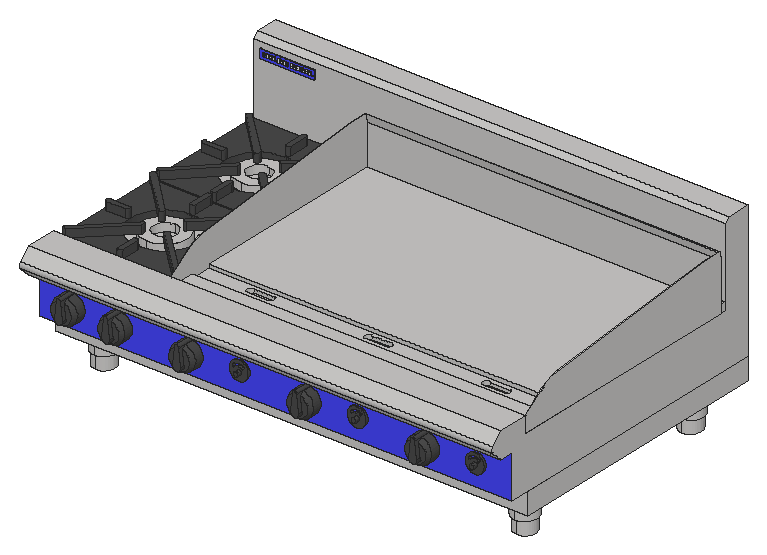
Revit family "QF_MOFFAT_BLUESEAL_CE_G518A-B", category Specialty Equipment, Revit 2012 (continued)
Definition of nested family "GAS BURNER 300 & GRIDDLE 900"
  Definition of nested family "GAS BURNER 300 & GRIDDLE 600"
    Lines and regions (mm)
      symbolic lines
        curve 31: spline (123.076, -202.475, 0) -> (123.837, -201.405, 0) -> (124.238, -200.101, 0) -> (124.251, -198.649, 0) -> (123.875, -197.15, 0) -> (123.137, -195.705, 0) -> (122.086, -194.414, 0) -> (120.795, -193.363, 0) -> (119.35, -192.625, 0) -> (117.851, -192.249, 0) -> (116.399, -192.262, 0) -> (115.095, -192.663, 0) -> (114.025, -193.424, 0)
        curve 32: line (114.025, -193.424, 0) -> (6.102, -304.847, 0)
        curve 33: spline (6.102, -304.847, 0) -> (5.341, -305.916, 0) -> (4.941, -307.221, 0) -> (4.928, -308.672, 0) -> (5.303, -310.171, 0) -> (6.041, -311.616, 0) -> (7.092, -312.908, 0) -> (8.384, -313.959, 0) -> (9.829, -314.697, 0) -> (11.328, -315.072, 0) -> (12.779, -315.059, 0) -> (14.084, -314.659, 0) -> (15.153, -313.898, 0)
        curve 34: line (8.898, -172.9, 0) -> (58.102, -172.9, 0)
        curve 35: spline (58.102, -172.9, 0) -> (59.396, -172.682, 0) -> (60.602, -172.043, 0) -> (61.638, -171.025, 0) -> (62.432, -169.7, 0) -> (62.932, -168.156, 0) -> (63.102, -166.5, 0) -> (62.932, -164.844, 0) -> (62.432, -163.3, 0) -> (61.638, -161.975, 0) -> (60.602, -160.957, 0) -> (59.396, -160.318, 0) -> (58.102, -160.1, 0)
        curve 36: line (58.102, -160.1, 0) -> (8.898, -160.1, 0)
        curve 37: spline (8.898, -160.1, 0) -> (7.604, -160.318, 0) -> (6.398, -160.957, 0) -> (5.362, -161.975, 0) -> (4.568, -163.3, 0) -> (4.068, -164.844, 0) -> (3.898, -166.5, 0) -> (4.068, -168.156, 0) -> (4.568, -169.7, 0) -> (5.362, -171.025, 0) -> (6.398, -172.043, 0) -> (7.604, -172.682, 0) -> (8.898, -172.9, 0)
        curve 38: line (6.102, -31.653, 0) -> (114.025, -139.576, 0)
        curve 39: spline (114.025, -139.576, 0) -> (115.095, -140.337, 0) -> (116.399, -140.738, 0) -> (117.851, -140.751, 0) -> (119.35, -140.375, 0) -> (120.795, -139.637, 0) -> (122.086, -138.586, 0) -> (123.137, -137.295, 0) -> (123.875, -135.85, 0) -> (124.251, -134.351, 0) -> (124.238, -132.899, 0) -> (123.837, -131.595, 0) -> (123.076, -130.525, 0)
        curve 40: line (123.076, -130.525, 0) -> (15.153, -22.602, 0)
        curve 41: spline (15.153, -22.602, 0) -> (13.924, -21.681, 0) -> (12.47, -21.131, 0) -> (10.89, -20.99, 0) -> (9.292, -21.267, 0) -> (7.786, -21.943, 0) -> (6.473, -22.973, 0) -> (5.443, -24.286, 0) -> (4.767, -25.792, 0) -> (4.49, -27.39, 0) -> (4.631, -28.97, 0) -> (5.181, -30.424, 0) -> (6.102, -31.653, 0)
        curve 42: arc (150, -136.5, 0) -> (180, -166.5, 0) -> (150, -196.5, 0) r 30
        curve 43: arc (150, -196.5, 0) -> (120, -166.5, 0) -> (150, -136.5, 0) r 30
        curve 44: line (156.4, -311.102, 0) -> (156.4, -261.898, 0)
        curve 45: spline (156.4, -261.898, 0) -> (156.182, -260.604, 0) -> (155.543, -259.398, 0) -> (154.525, -258.362, 0) -> (153.2, -257.568, 0) -> (151.656, -257.068, 0) -> (150, -256.898, 0) -> (148.344, -257.068, 0) -> (146.8, -257.568, 0) -> (145.475, -258.362, 0) -> (144.457, -259.398, 0) -> (143.818, -260.604, 0) -> (143.6, -261.898, 0)
        curve 46: line (143.6, -261.898, 0) -> (143.6, -311.102, 0)
        curve 47: spline (143.6, -311.102, 0) -> (143.818, -312.396, 0) -> (144.457, -313.602, 0) -> (145.475, -314.638, 0) -> (146.8, -315.432, 0) -> (148.344, -315.932, 0) -> (150, -316.102, 0) -> (151.656, -315.932, 0) -> (153.2, -315.432, 0) -> (154.525, -314.638, 0) -> (155.543, -313.602, 0) -> (156.182, -312.396, 0) -> (156.4, -311.102, 0)
        curve 48: line (156.4, -378.102, 0) -> (156.4, -328.898, 0)
        curve 49: spline (156.4, -328.898, 0) -> (156.182, -327.604, 0) -> (155.543, -326.398, 0) -> (154.525, -325.362, 0) -> (153.2, -324.568, 0) -> (151.656, -324.068, 0) -> (150, -323.898, 0) -> (148.344, -324.068, 0) -> (146.8, -324.568, 0) -> (145.475, -325.362, 0) -> (144.457, -326.398, 0) -> (143.818, -327.604, 0) -> (143.6, -328.898, 0)
        curve 50: line (143.6, -328.898, 0) -> (143.6, -378.102, 0)
        curve 51: spline (143.6, -378.102, 0) -> (143.818, -379.396, 0) -> (144.457, -380.602, 0) -> (145.475, -381.638, 0) -> (146.8, -382.432, 0) -> (148.344, -382.932, 0) -> (150, -383.102, 0) -> (151.656, -382.932, 0) -> (153.2, -382.432, 0) -> (154.525, -381.638, 0) -> (155.543, -380.602, 0) -> (156.182, -379.396, 0) -> (156.4, -378.102, 0)
        curve 52: line (284.847, -326.102, 0) -> (176.924, -434.025, 0)
        curve 53: spline (176.924, -434.025, 0) -> (176.163, -435.095, 0) -> (175.762, -436.399, 0) -> (175.749, -437.851, 0) -> (176.125, -439.35, 0) -> (176.863, -440.795, 0) -> (177.914, -442.086, 0) -> (179.205, -443.137, 0) -> (180.65, -443.875, 0) -> (182.149, -444.251, 0) -> (183.601, -444.238, 0) -> (184.905, -443.837, 0) -> (185.975, -443.076, 0)
        curve 54: line (185.975, -443.076, 0) -> (293.898, -335.153, 0)
        curve 55: spline (293.898, -335.153, 0) -> (294.659, -334.084, 0) -> (295.059, -332.779, 0) -> (295.072, -331.328, 0) -> (294.697, -329.829, 0) -> (293.959, -328.384, 0) -> (292.908, -327.092, 0) -> (291.616, -326.041, 0) -> (290.171, -325.303, 0) -> (288.672, -324.928, 0) -> (287.221, -324.941, 0) -> (285.916, -325.341, 0) -> (284.847, -326.102, 0)
        curve 56: line (123.076, -434.025, 0) -> (15.153, -326.102, 0)
        curve 57: spline (15.153, -326.102, 0) -> (13.924, -325.181, 0) -> (12.47, -324.631, 0) -> (10.89, -324.49, 0) -> (9.292, -324.767, 0) -> (7.786, -325.443, 0) -> (6.473, -326.473, 0) -> (5.443, -327.786, 0) -> (4.767, -329.292, 0) -> (4.49, -330.89, 0) -> (4.631, -332.47, 0) -> (5.181, -333.924, 0) -> (6.102, -335.153, 0)
        curve 58: line (6.102, -335.153, 0) -> (114.025, -443.076, 0)
        curve 59: spline (114.025, -443.076, 0) -> (115.095, -443.837, 0) -> (116.399, -444.238, 0) -> (117.851, -444.251, 0) -> (119.35, -443.875, 0) -> (120.795, -443.137, 0) -> (122.086, -442.086, 0) -> (123.137, -440.795, 0) -> (123.875, -439.35, 0) -> (124.251, -437.851, 0) -> (124.238, -436.399, 0) -> (123.837, -435.095, 0) -> (123.076, -434.025, 0)
        curve 60: line (58.102, -463.6, 0) -> (8.898, -463.6, 0)
        curve 61: spline (8.898, -463.6, 0) -> (7.604, -463.818, 0) -> (6.398, -464.457, 0) -> (5.362, -465.475, 0) -> (4.568, -466.8, 0) -> (4.068, -468.344, 0) -> (3.898, -470, 0) -> (4.068, -471.656, 0) -> (4.568, -473.2, 0) -> (5.362, -474.525, 0) -> (6.398, -475.543, 0) -> (7.604, -476.182, 0) -> (8.898, -476.4, 0)
        curve 62: line (8.898, -476.4, 0) -> (58.102, -476.4, 0)
        curve 63: spline (58.102, -476.4, 0) -> (59.396, -476.182, 0) -> (60.602, -475.543, 0) -> (61.638, -474.525, 0) -> (62.432, -473.2, 0) -> (62.932, -471.656, 0) -> (63.102, -470, 0) -> (62.932, -468.344, 0) -> (62.432, -466.8, 0) -> (61.638, -465.475, 0) -> (60.602, -464.457, 0) -> (59.396, -463.818, 0) -> (58.102, -463.6, 0)
        curve 64: line (114.025, -496.924, 0) -> (6.102, -603.347, 0)
        curve 65: spline (6.102, -603.347, 0) -> (5.341, -604.416, 0) -> (4.941, -605.721, 0) -> (4.928, -607.172, 0) -> (5.303, -608.671, 0) -> (6.041, -610.116, 0) -> (7.092, -611.408, 0) -> (8.384, -612.459, 0) -> (9.829, -613.197, 0) -> (11.328, -613.572, 0) -> (12.779, -613.559, 0) -> (14.084, -613.159, 0) -> (15.153, -612.398, 0)
        curve 66: line (15.153, -612.398, 0) -> (123.076, -505.975, 0)
        curve 67: spline (123.076, -505.975, 0) -> (123.837, -504.905, 0) -> (124.238, -503.601, 0) -> (124.251, -502.149, 0) -> (123.875, -500.65, 0) -> (123.137, -499.205, 0) -> (122.086, -497.914, 0) -> (120.795, -496.863, 0) -> (119.35, -496.125, 0) -> (117.851, -495.749, 0) -> (116.399, -495.762, 0) -> (115.095, -496.163, 0) -> (114.025, -496.924, 0)
        curve 68: line (156.4, -609.602, 0) -> (156.4, -561.898, 0)
        curve 69: spline (156.4, -561.898, 0) -> (156.182, -560.604, 0) -> (155.543, -559.398, 0) -> (154.525, -558.362, 0) -> (153.2, -557.568, 0) -> (151.656, -557.068, 0) -> (150, -556.898, 0) -> (148.344, -557.068, 0) -> (146.8, -557.568, 0) -> (145.475, -558.362, 0) -> (144.457, -559.398, 0) -> (143.818, -560.604, 0) -> (143.6, -561.898, 0)
        curve 70: line (143.6, -561.898, 0) -> (143.6, -609.602, 0)
        curve 71: spline (143.6, -609.602, 0) -> (143.818, -610.896, 0) -> (144.457, -612.102, 0) -> (145.475, -613.138, 0) -> (146.8, -613.932, 0) -> (148.344, -614.432, 0) -> (150, -614.602, 0) -> (151.656, -614.432, 0) -> (153.2, -613.932, 0) -> (154.525, -613.138, 0) -> (155.543, -612.102, 0) -> (156.182, -610.896, 0) -> (156.4, -609.602, 0)
        curve 72: line (176.924, -505.975, 0) -> (284.847, -612.398, 0)
        curve 73: spline (284.847, -612.398, 0) -> (285.916, -613.159, 0) -> (287.221, -613.559, 0) -> (288.672, -613.572, 0) -> (290.171, -613.197, 0) -> (291.616, -612.459, 0) -> (292.908, -611.408, 0) -> (293.959, -610.116, 0) -> (294.697, -608.671, 0) -> (295.072, -607.172, 0) -> (295.059, -605.721, 0) -> (294.659, -604.416, 0) -> (293.898, -603.347, 0)
        curve 74: line (293.898, -603.347, 0) -> (185.975, -496.924, 0)
        curve 75: spline (185.975, -496.924, 0) -> (184.905, -496.163, 0) -> (183.601, -495.762, 0) -> (182.149, -495.749, 0) -> (180.65, -496.125, 0) -> (179.205, -496.863, 0) -> (177.914, -497.914, 0) -> (176.863, -499.205, 0) -> (176.125, -500.65, 0) -> (175.749, -502.149, 0) -> (175.762, -503.601, 0) -> (176.163, -504.905, 0) -> (176.924, -505.975, 0)
        curve 76: arc (149.991, -384.418, 0) -> (179.687, -389.836, 0) -> (205.556, -405.393, 0) r 84.082
        curve 77: arc (149.991, -552.582, 0) -> (121.173, -547.489, 0) -> (95.845, -532.827, 0) r 84.082
        curve 78: arc (150, -523.5, 0) -> (167.666, -520.693, 0) -> (183.592, -512.55, 0) r 57
        curve 79: arc (150, -409.5, 0) -> (130.014, -413.119, 0) -> (112.566, -423.515, 0) r 57
        curve 80: arc (150, -436.5, 0) -> (180, -466.5, 0) -> (150, -496.5, 0) r 30
        curve 81: arc (150, -496.5, 0) -> (120, -466.5, 0) -> (150, -436.5, 0) r 30
        curve 82: line (291.102, -463.6, 0) -> (241.898, -463.6, 0)
        curve 83: spline (241.898, -463.6, 0) -> (240.604, -463.818, 0) -> (239.398, -464.457, 0) -> (238.362, -465.475, 0) -> (237.568, -466.8, 0) -> (237.068, -468.344, 0) -> (236.898, -470, 0) -> (237.068, -471.656, 0) -> (237.568, -473.2, 0) -> (238.362, -474.525, 0) -> (239.398, -475.543, 0) -> (240.604, -476.182, 0) -> (241.898, -476.4, 0)
        curve 84: line (241.898, -476.4, 0) -> (291.102, -476.4, 0)
        curve 85: arc (96.324, -103.773, 0) -> (121.466, -89.404, 0) -> (149.991, -84.418, 0) r 84.082
        curve 86: arc (212.871, -112.68, 0) -> (234.066, -167.408, 0) -> (214.3, -222.668, 0) r 84.082
        curve 87: arc (194.454, -202.178, 0) -> (207, -166.598, 0) -> (194.576, -130.975, 0) r 57
        curve 88: arc (114.628, -211.197, 0) -> (131.275, -220.336, 0) -> (150, -223.5, 0) r 57
        curve 89: arc (105.424, -130.975, 0) -> (93, -166.598, 0) -> (105.546, -202.178, 0) r 57
        curve 90: arc (187.434, -423.515, 0) -> (169.986, -413.119, 0) -> (150, -409.5, 0) r 57
        curve 91: arc (103.911, -432.962, 0) -> (93.053, -468.956, 0) -> (106.969, -503.881, 0) r 57
        curve 92: arc (109.732, -506.842, 0) -> (110.614, -507.704, 0) -> (111.516, -508.547, 0) r 57
        curve 93: arc (193.031, -503.881, 0) -> (206.947, -468.956, 0) -> (196.089, -432.962, 0) r 57
        curve 94: arc (214.491, -414.56, 0) -> (234.068, -469.429, 0) -> (213.283, -523.853, 0) r 84.082
        curve 95: arc (94.436, -405.385, 0) -> (120.301, -389.834, 0) -> (149.991, -384.418, 0) r 84.082
        curve 96: arc (86.707, -523.862, 0) -> (65.914, -469.429, 0) -> (85.499, -414.55, 0) r 84.082
        curve 97: arc (116.408, -512.55, 0) -> (132.334, -520.693, 0) -> (150, -523.5, 0) r 57
        curve 98: arc (204.147, -532.819, 0) -> (178.816, -547.487, 0) -> (149.991, -552.582, 0) r 84.082
        curve 99: arc (185.525, -121.924, 0) -> (168.817, -112.696, 0) -> (150, -109.5, 0) r 57
        curve 100: arc (205.331, -231.803, 0) -> (179.547, -247.216, 0) -> (149.991, -252.582, 0) r 84.082
        curve 101: arc (85.69, -222.678, 0) -> (65.916, -167.408, 0) -> (87.119, -112.67, 0) r 84.082
        curve 102: line (299, -315.5, 0) -> (299, -3, 0)
        curve 103: arc (299, -3, 0) -> (298.121, -0.879, 0) -> (296, 0, 0) r 3
        curve 104: spline (291.102, -172.9, 0) -> (292.396, -172.682, 0) -> (293.602, -172.043, 0) -> (294.638, -171.025, 0) -> (295.432, -169.7, 0) -> (295.932, -168.156, 0) -> (296.102, -166.5, 0) -> (295.932, -164.844, 0) -> (295.432, -163.3, 0) -> (294.638, -161.975, 0) -> (293.602, -160.957, 0) -> (292.396, -160.318, 0) -> (291.102, -160.1, 0)
        curve 105: spline (291.102, -476.4, 0) -> (292.396, -476.182, 0) -> (293.602, -475.543, 0) -> (294.638, -474.525, 0) -> (295.432, -473.2, 0) -> (295.932, -471.656, 0) -> (296.102, -470, 0) -> (295.932, -468.344, 0) -> (295.432, -466.8, 0) -> (294.638, -465.475, 0) -> (293.602, -464.457, 0) -> (292.396, -463.818, 0) -> (291.102, -463.6, 0)
        curve 106: arc (296, -635, 0) -> (298.121, -634.121, 0) -> (299, -632, 0) r 3
        curve 107: line (299, -632, 0) -> (299, -324.5, 0)
        curve 108: arc (299, -324.5, 0) -> (298.121, -322.379, 0) -> (296, -321.5, 0) r 3
        curve 109: arc (296, -318.5, 0) -> (298.121, -317.621, 0) -> (299, -315.5, 0) r 3
    Dimensions and locks
      equal spacing: plane 3 "LEFT", plane 7 "Center Y", plane 4 "RIGHT"
      "Width": plane 3 "LEFT" to plane 4 "RIGHT"
      equal spacing: plane 5 "FRONT", plane 8 "Center X", plane 1 "BACK"
      "Depth": plane 5 "FRONT" to plane 1 "BACK"
      aligned and locked: level to plane 2
    Automatic sketch dimensions
      curve 8 to curve 9 = 0 mm
      curve 8 to curve 42 = 0 mm  (x2)
      curve 8 to curve 87 = 0 mm  (x2)
      curve 8 to curve 88 = 0 mm
      curve 8 to curve 89 = 0 mm
      curve 8 to curve 99 = 0 mm  (x2)
      curve 9 to curve 89 = 0 mm
      curve 10 to curve 11 = 0 mm  (x2)
      curve 10 to curve 85 = 0 mm
      curve 10 to curve 86 = 0 mm  (x2)
      curve 10 to curve 100 = 0 mm
      curve 10 to curve 101 = 0 mm  (x2)
      curve 76 to curve 77 = 0 mm  (x2)
      curve 76 to curve 94 = 0 mm  (x2)
      curve 76 to curve 95 = 0 mm
      curve 76 to curve 96 = 0 mm  (x2)
      curve 76 to curve 98 = 0 mm
      curve 78 to curve 79 = 0 mm
      curve 78 to curve 80 = 0 mm  (x2)
      curve 78 to curve 90 = 0 mm  (x2)
      curve 78 to curve 91 = 0 mm
      curve 78 to curve 92 = 0 mm
      curve 78 to curve 93 = 0 mm  (x2)
      curve 78 to curve 97 = 0 mm
      curve 79 to curve 91 = 0 mm
      curve 79 to curve 92 = 0 mm
      plane 5 "FRONT" to curve 25 = 0 mm
      plane 1 "BACK" to curve 16 = 0 mm
      curve 97 to plane 7 "Center Y" = 0 mm
      curve 42 to plane 7 "Center Y" = 0 mm
      curve 13 to plane 7 "Center Y" = 0 mm
      curve 45 to plane 7 "Center Y" = 0 mm
      curve 49 to plane 7 "Center Y" = 0 mm
      curve 69 to plane 7 "Center Y" = 0 mm
      curve 98 to plane 7 "Center Y" = 0.009 mm
      curve 10 to plane 7 "Center Y" = 0.009 mm
      curve 49 to plane 7 "Center Y" = 6.4 mm
      curve 47 to plane 7 "Center Y" = 6.4 mm
      curve 14 to plane 7 "Center Y" = 6.4 mm
      curve 71 to plane 7 "Center Y" = 6.4 mm
      curve 39 to curve 39 = 4.525 mm
      curve 31 to curve 31 = 4.525 mm
      curve 59 to curve 59 = 4.525 mm
      curve 67 to curve 67 = 4.525 mm
      curve 97 to curve 66 = 6.668 mm
      curve 88 to curve 30 = 8.448 mm
      curve 9 to curve 40 = 8.601 mm
      curve 92 to curve 97 = 4.893 mm
      curve 92 to curve 92 = 1.784 mm
      curve 91 to curve 92 = 2.762 mm
      curve 89 to curve 32 = 8.479 mm
      curve 91 to curve 79 = 8.655 mm
      curve 85 to curve 9 = 18.152 mm
      curve 11 to curve 88 = 19.967 mm
      curve 95 to curve 79 = 18.13 mm
      curve 101 to curve 11 = 8.97 mm
      curve 96 to curve 95 = 8.937 mm
      curve 34 to curve 89 = 47.444 mm
      curve 63 to curve 91 = 45.809 mm
      plane 8 "Center X" to curve 30 = 3.602 mm
      plane 3 "LEFT" to curve 30 = 15.153 mm
      plane 3 "LEFT" to curve 41 = 15.153 mm
      plane 3 "LEFT" to curve 66 = 15.153 mm
      curve 56 to curve 30 = 0 mm
      curve 41 to curve 41 = 4.525 mm
      curve 65 to curve 65 = 4.525 mm
      curve 33 to curve 30 = 4.525 mm
      curve 57 to curve 56 = 4.525 mm
      plane 3 "LEFT" to curve 37 = 8.898 mm
      plane 3 "LEFT" to curve 62 = 8.898 mm
      plane 3 "LEFT" to curve 17 = 4 mm
      curve 20 to plane 8 "Center X" = 1 mm
      plane 3 "LEFT" to curve 20 = 4 mm
      curve 22 to curve 20 = 0 mm
      plane 3 "LEFT" to curve 24 = 4 mm
      plane 3 "LEFT" to curve 23 = 1 mm
      plane 3 "LEFT" to curve 17 = 1 mm
      curve 1 to curve 2 = 4.525 mm
      curve 53 to curve 53 = 4.525 mm
      curve 27 to curve 27 = 4.525 mm
      curve 72 to curve 75 = 4.525 mm
      curve 75 to curve 78 = 6.668 mm
      curve 28 to curve 8 = 8.448 mm
      curve 2 to curve 99 = 8.601 mm  (x2)
      curve 52 to curve 90 = 10.51 mm
      curve 27 to curve 87 = 8.479 mm
      curve 2 to curve 87 = 8.601 mm
      curve 90 to curve 93 = 8.655 mm
      curve 99 to curve 10 = 18.144 mm
      curve 8 to curve 100 = 19.959 mm
      curve 90 to curve 76 = 18.122 mm
      curve 100 to curve 86 = 8.969 mm
      curve 76 to curve 94 = 8.936 mm
      curve 93 to curve 82 = 45.809 mm
      curve 87 to curve 7 = 47.444 mm
      plane 4 "RIGHT" to curve 4 = 15.153 mm
      plane 4 "RIGHT" to curve 52 = 15.153 mm
      plane 4 "RIGHT" to curve 73 = 15.153 mm
      plane 8 "Center X" to curve 28 = 3.602 mm
      curve 28 to curve 52 = 0 mm
      curve 1 to curve 4 = 4.525 mm
      curve 55 to curve 55 = 4.525 mm
      curve 28 to curve 29 = 4.525 mm
      curve 72 to curve 73 = 4.525 mm
      plane 4 "RIGHT" to curve 105 = 8.898 mm
      plane 4 "RIGHT" to curve 104 = 8.898 mm
      plane 4 "RIGHT" to curve 108 = 4 mm
      plane 4 "RIGHT" to curve 109 = 4 mm
      plane 4 "RIGHT" to curve 25 = 4 mm
      plane 4 "RIGHT" to curve 16 = 4 mm
      plane 4 "RIGHT" to curve 107 = 1 mm
      plane 4 "RIGHT" to curve 103 = 1 mm
      curve 70 to plane 5 "FRONT" = 25.398 mm
      curve 69 to curve 98 = 9.316 mm
      curve 77 to curve 96 = 8.965 mm
      curve 98 to curve 94 = 8.967 mm
      curve 97 to curve 92 = 4.003 mm
      curve 78 to curve 72 = 6.575 mm
      curve 97 to curve 66 = 6.575 mm
      curve 92 to curve 91 = 2.96 mm
      curve 93 to curve 75 = 6.958 mm
      curve 78 to curve 81 = 27 mm
      curve 96 to curve 61 = 47.462 mm
      curve 94 to curve 84 = 47.453 mm
      curve 62 to curve 63 = 6.4 mm
      curve 105 to curve 105 = 6.4 mm
      curve 59 to curve 91 = 10.114 mm
      curve 53 to curve 93 = 10.114 mm
      curve 94 to curve 76 = 9.166 mm
      curve 96 to curve 95 = 9.165 mm
      curve 76 to curve 51 = 6.316 mm
      curve 57 to curve 20 = 16.653 mm
      curve 54 to curve 20 = 16.653 mm
      curve 49 to plane 8 "Center X" = 11.398 mm
      curve 108 to curve 20 = 6 mm
      plane 8 "Center X" to curve 46 = 6.398 mm
      curve 45 to curve 11 = 9.316 mm
      curve 88 to curve 31 = 8.722 mm
      curve 8 to curve 28 = 8.722 mm
      curve 8 to curve 42 = 27 mm
      curve 101 to curve 34 = 49.778 mm
      curve 86 to curve 7 = 49.768 mm
      curve 6 to curve 6 = 6.4 mm
      curve 34 to curve 37 = 6.4 mm
      curve 38 to curve 89 = 8.601 mm
      curve 40 to curve 9 = 8.601 mm
      curve 86 to curve 10 = 8.899 mm
      curve 101 to curve 85 = 8.898 mm
      curve 10 to curve 15 = 9.816 mm
      plane 1 "BACK" to curve 13 = 25.398 mm
      plane 1 "BACK" to Extrusion 1 sketch curve = 0 mm
      plane 5 "FRONT" to Extrusion 1 sketch curve = 0 mm
      plane 3 "LEFT" to Extrusion 1 sketch curve = 1 mm  (x2)
      plane 1 "BACK" to Extrusion 1 sketch curve = 3 mm  (x2)
      Extrusion 1 sketch curve to plane 7 "Center Y" = 0.009 mm  (x2)
      plane 8 "Center X" to Extrusion 1 sketch curve = 149 mm
      plane 4 "RIGHT" to Extrusion 1 sketch curve = 1 mm  (x2)
      plane 8 "Center X" to Extrusion 1 sketch curve = 2 mm  (x2)
      Extrusion 1 sketch curve to plane 8 "Center X" = 1 mm
      Extrusion 1 sketch curve to Extrusion 1 sketch curve = 3 mm  (x3)
      Extrusion 1 sketch curve to plane 8 "Center X" = 151 mm
      Extrusion 1 sketch curve to plane 5 "FRONT" = 3 mm  (x2)
      Extrusion 2 sketch curve to Extrusion 1 = 22.602 mm  (x2)
      Extrusion 2 sketch curve to Extrusion 1 = 25.398 mm  (x2)
      Extrusion 2 sketch curve to Extrusion 2 sketch curve = 4.525 mm  (x16)
      Extrusion 2 sketch curve to Extrusion 2 sketch curve = 49.204 mm  (x5)
      Extrusion 2 sketch curve to Extrusion 2 sketch curve = 55.923 mm  (x5)
      Extrusion 2 sketch curve to Extrusion 2 sketch curve = 0 mm  (x5)
      Extrusion 2 sketch curve to Extrusion 2 sketch curve = 20.524 mm  (x8)
      Extrusion 2 sketch curve to Extrusion 2 sketch curve = 6.4 mm  (x8)
      Extrusion 2 sketch curve to Extrusion 2 sketch curve = 53.847 mm  (x8)
      Extrusion 2 sketch curve to Extrusion 1 = 56.602 mm
      Extrusion 2 sketch curve to Extrusion 1 = 5.102 mm  (x6)
      Extrusion 2 sketch curve to Extrusion 1 = 13.653 mm  (x2)
      Extrusion 2 sketch curve to Extrusion 1 = 7.398 mm  (x2)
      Extrusion 2 sketch curve to Extrusion 1 = 4.602 mm  (x2)
      Extrusion 2 sketch curve to Extrusion 1 = 7.898 mm  (x4)
      Extrusion 2 sketch curve to Extrusion 1 = 31.653 mm  (x2)
      Extrusion 2 sketch curve to Extrusion 1 = 57.102 mm
      Extrusion 2 sketch curve to Extrusion 1 = 14.153 mm
      Extrusion 3 sketch curve to Extrusion 3 sketch curve = 0 mm  (x24)
      Extrusion 3 sketch curve to plane 7 "Center Y" = 0 mm  (x2)
      plane 1 "BACK" to Extrusion 3 sketch curve = 109.5 mm
      Extrusion 3 sketch curve to Extrusion 3 sketch curve = 27 mm  (x2)
      Extrusion 3 sketch curve to Extrusion 3 sketch curve = 30 mm  (x2)
      Extrusion 3 sketch curve to plane 8 "Center X" = 92 mm
      radius of Extrusion 1 sketch curve = 84.082 mm  (x2)
  Definition of nested family "GAS GRIDDLE PLATE 900"
    Parameters (values of type "GAS GRIDDLE PLATE 900")
      Width [instance] = 900 mm
      Weight in Pounds = 0
      URL Cutsheet = ""
      Type Mark [instance] = ""
      Status [instance] = ""
      Specification by User [instance] = ""
      Specification by Manufacturer = ""
      Serial Number = ""
      Seismic Rating = ""
      SMACNA No = ""
      Revision Code [instance] = ""
      Omniclass Number and Title = ""
      NAFEM Spec ID Number = ""
      Masterspec = ""
      Item Number [instance] = ""
      Installed By [instance] = ""
      Identify Quantity as Lot [instance] = yes
      Furnished By [instance] = ""
      Foodservice Equipment Identifier [instance] = yes
      Depth [instance] = 620 mm
      CSI MasterFormat = ""
      CSI Master Format = ""
    Reference planes
      plane 1 "BACK": y = 0
      plane 2: z = 0
      plane 3 "LEFT": x = 0
      plane 4 "RIGHT": x = 900
      plane 5 "FRONT": y = -620
      plane 6 "TOP": z = 142.5
      plane 7 "Center Y": x = 450
      plane 8 "Center X": y = -310
      plane 9: y = -530.997
      plane 10: y = -541.497
      plane 11: y = -503.25
      plane 12: y = -557.737
    Forms (mm)
      Extrusion 1, solid, material "QF_Finishes_Stainless Steel"
        sketch origin (0, 70.003, -874.5) x (0, 1, 0) y (0, 0, 1)
          loop
            line (-70, 875) -> (-70, 997.489) -> (-75.228, 1017) -> (-117.24, 1017) -> (-589.533, 971.523)
            arc (-589.533, 971.523) -> (-614.56, 965.803) -> (-637.306, 953.899) r 100
            line (-637.306, 953.899) -> (-690.003, 917) -> (-690.003, 875) -> (-70, 875)
        from 0 to 1.8
      Extrusion 2, solid, material "QF_Finishes_Stainless Steel"
        sketch origin (600, 70.003, -874.5) x (0, -1, 0) y (0, 0, 1)
          loop
            line (70, 875) -> (690.003, 875) -> (690.003, 917) -> (637.306, 953.899)
            arc (637.306, 953.899) -> (614.56, 965.803) -> (589.533, 971.523) r 100
            line (589.533, 971.523) -> (117.24, 1017) -> (75.228, 1017) -> (70, 997.489) -> (70, 875)
        from -300 to -298.8
      Extrusion 3, solid, material "QF_Finishes_Stainless Steel"
        sketch origin (150, 70.003, -874.5) x (0, 1, 0) y (0, 0, 1)
          loop
            line (-55, 895) -> (-573.253, 895) -> (-573.253, 884.5) -> (-627.74, 884.5) -> (-627.74, 895) -> (-690.003, 895) -> (-690.003, 875) -> (-55, 875) -> (-55, 895)
        from -148.2 to 748.8
      Extrusion 4, void
        sketch origin (0.113, -541.497, 10) x (0, -1, 0) y (1, 0, 0)
          loop
            arc (-7.497, 175) -> (-17.497, 185) -> (-27.497, 175) r 10
            line (-27.497, 175) -> (-27.497, 125)
            arc (-27.497, 125) -> (-17.497, 115) -> (-7.497, 125) r 10
            line (-7.497, 125) -> (-7.497, 175)
          loop
            line (-7.497, 424.887) -> (-7.497, 474.887)
            arc (-7.497, 474.887) -> (-17.497, 484.887) -> (-27.497, 474.887) r 10
            line (-27.497, 474.887) -> (-27.497, 424.887)
            arc (-27.497, 424.887) -> (-17.497, 414.887) -> (-7.497, 424.887) r 10
          loop
            line (-7.497, 724.774) -> (-7.497, 774.774)
            arc (-7.497, 774.774) -> (-17.497, 784.774) -> (-27.497, 774.774) r 10
            line (-27.497, 774.774) -> (-27.497, 724.774)
            arc (-27.497, 724.774) -> (-17.497, 714.774) -> (-7.497, 724.774) r 10
        from -41.4 to 40.142
      Extrusion 5, solid, material "QF_Finishes_Stainless Steel"
        sketch origin (0, 70.003, -874.5) x (0, 1, 0) y (0, 0, 1)
          loop
            line (-70, 875) -> (-70, 997.489) -> (-75.228, 1017) -> (-76.884, 1017) -> (-71.6, 997.278) -> (-71.6, 875) -> (-70, 875)
        from 0 to 898.8
    Cuts and joins
      Extrusion 4 cuts Extrusion 3
      joined: Extrusion 1, Extrusion 2, Extrusion 3, Extrusion 5
    Lines and regions (mm)
      symbolic lines
        curve 1: line (900, -503.25, 0) -> (0, -503.25, 0)
        curve 2: line (0, -557.737, 0) -> (900, -557.737, 0)
        curve 3: line (0, -1.68, 0) -> (900, -1.68, 0)
        curve 4: line (900, -1.68, 0) -> (900, -620, 0)
        curve 5: line (0, -620, 0) -> (0, -1.68, 0)
        curve 6: line (0, -620, 0) -> (900, -620, 0)
        curve 7: arc (175.113, -534, 0) -> (185.113, -524, 0) -> (175.113, -514, 0) r 10
        curve 8: line (175.113, -514, 0) -> (125.113, -514, 0)
        curve 9: arc (125.113, -514, 0) -> (115.113, -524, 0) -> (125.113, -534, 0) r 10
        curve 10: line (125.113, -534, 0) -> (175.113, -534, 0)
        curve 11: arc (425, -534, 0) -> (415, -524, 0) -> (425, -514, 0) r 10
        curve 12: line (425, -514, 0) -> (475, -514, 0)
        curve 13: arc (475, -514, 0) -> (485, -524, 0) -> (475, -534, 0) r 10
        curve 14: line (475, -534, 0) -> (425, -534, 0)
        curve 15: arc (724.887, -534, 0) -> (714.887, -524, 0) -> (724.887, -514, 0) r 10
        curve 16: line (724.887, -514, 0) -> (774.887, -514, 0)
        curve 17: arc (774.887, -514, 0) -> (784.887, -524, 0) -> (774.887, -534, 0) r 10
        curve 18: line (774.887, -534, 0) -> (724.887, -534, 0)
    Dimensions and locks
      equal spacing: plane 3 "LEFT", plane 7 "Center Y", plane 4 "RIGHT"
      "Width": plane 3 "LEFT" to plane 4 "RIGHT"
      equal spacing: plane 5 "FRONT", plane 8 "Center X", plane 1 "BACK"
      "Depth": plane 5 "FRONT" to plane 1 "BACK"
      locked: Extrusion 2 to Extrusion 2 at 1.2
      aligned and locked: level to plane 2
      aligned and locked: Extrusion 2 to plane 4 "RIGHT"
      aligned and locked: curve 1 to plane 11
      aligned and locked: plane 12 to curve 2
      aligned and locked: Extrusion 5 to cut or joined group of Extrusion 1, Extrusion 2, Extrusion 3, Extrusion 4, Extrusion 5
    Automatic sketch dimensions
      Extrusion 1 sketch curve to plane 5 "FRONT" = 0 mm
      Extrusion 1 sketch curve to plane 6 "TOP" = 0 mm
      plane 12 to Extrusion 1 sketch curve = 9.566 mm
      plane 11 to Extrusion 1 sketch curve = 16.28 mm
      Extrusion 1 sketch curve to level = 2.516 mm
      plane 11 to Extrusion 1 sketch curve = 6.695 mm
      plane 1 "BACK" to Extrusion 1 sketch curve = 47.237 mm
      plane 1 "BACK" to Extrusion 1 sketch curve = 5.225 mm
      Extrusion 1 sketch curve to plane 1 "BACK" = 0.003 mm
      level to Extrusion 1 sketch curve = 0.5 mm
      Extrusion 1 sketch curve to Extrusion 1 sketch curve = 42 mm
      Extrusion 1 sketch curve to plane 6 "TOP" = 63.101 mm
      Extrusion 1 sketch curve to plane 6 "TOP" = 19.511 mm
      Extrusion 2 sketch curve to plane 6 "TOP" = 0 mm
      Extrusion 2 sketch curve to plane 5 "FRONT" = 0 mm
      plane 12 to Extrusion 2 sketch curve = 9.566 mm
      plane 11 to Extrusion 2 sketch curve = 16.28 mm
      Extrusion 2 sketch curve to level = 2.516 mm
      plane 11 to Extrusion 2 sketch curve = 6.695 mm
      plane 1 "BACK" to Extrusion 2 sketch curve = 47.237 mm
      plane 1 "BACK" to Extrusion 2 sketch curve = 5.225 mm
      Extrusion 2 sketch curve to plane 1 "BACK" = 0.003 mm
      level to Extrusion 2 sketch curve = 0.5 mm
      Extrusion 2 sketch curve to Extrusion 2 sketch curve = 42 mm
      Extrusion 2 sketch curve to plane 6 "TOP" = 63.101 mm
      Extrusion 2 sketch curve to plane 6 "TOP" = 19.511 mm
      Extrusion 3 sketch curve to plane 5 "FRONT" = 0 mm
      Extrusion 3 sketch curve to plane 12 = 0 mm
      Extrusion 3 sketch curve to plane 11 = 0 mm
      Extrusion 3 sketch curve to plane 1 "BACK" = 15.003 mm
      level to Extrusion 3 sketch curve = 0.5 mm
      level to Extrusion 3 sketch curve = 10 mm
      Extrusion 3 sketch curve to Extrusion 3 sketch curve = 10.5 mm  (x2)
      plane 1 "BACK" to Extrusion 5 sketch curve = 5.225 mm
      Extrusion 5 sketch curve to plane 1 "BACK" = 0.003 mm
      Extrusion 5 sketch curve to plane 6 "TOP" = 19.511 mm
      Extrusion 5 sketch curve to Extrusion 5 sketch curve = 1.6 mm
      Extrusion 5 sketch curve to Extrusion 5 sketch curve = 0.211 mm
      Extrusion 5 sketch curve to plane 6 "TOP" = 0 mm
      Extrusion 5 sketch curve to Extrusion 5 sketch curve = 1.656 mm
      level to Extrusion 5 sketch curve = 0.5 mm
      curve 6 to plane 3 "LEFT" = 0 mm
      curve 3 to plane 4 "RIGHT" = 0 mm
      plane 5 "FRONT" to curve 6 = 0 mm
      plane 11 to curve 9 = 20.75 mm
      plane 3 "LEFT" to curve 9 = 125.113 mm
      curve 10 to plane 12 = 23.737 mm
      curve 9 to curve 10 = 50 mm
      curve 14 to plane 7 "Center Y" = 25 mm
      plane 11 to curve 12 = 10.75 mm
      plane 7 "Center Y" to curve 12 = 25 mm
      curve 15 to plane 12 = 23.737 mm
      plane 4 "RIGHT" to curve 15 = 175.113 mm
      plane 11 to curve 16 = 10.75 mm
      curve 16 to curve 16 = 50 mm
      curve 14 to curve 12 = 20 mm
      plane 1 "BACK" to curve 3 = 1.68 mm
      plane 11 to Extrusion 4 sketch curve = 10.75 mm  (x3)
      Extrusion 4 sketch curve to Extrusion 4 sketch curve = 10 mm  (x3)
      plane 3 "LEFT" to Extrusion 4 sketch curve = 125.113 mm
      Extrusion 4 sketch curve to Extrusion 4 sketch curve = 50 mm  (x2)
      Extrusion 4 sketch curve to plane 7 "Center Y" = 25 mm
      plane 7 "Center Y" to Extrusion 4 sketch curve = 25 mm
      plane 4 "RIGHT" to Extrusion 4 sketch curve = 175.113 mm
